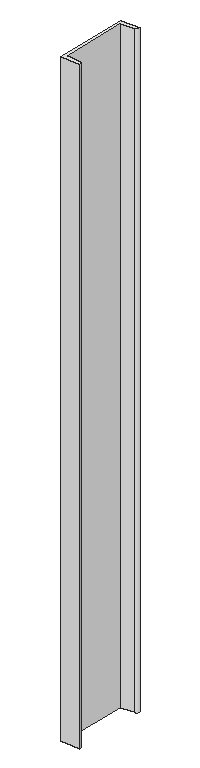
Revit family "asd", category Structural Columns, Revit 2023
Family settings
  Section Shape = Not Defined
  Material for Model Behavior = Steel
  Always export as geometry = No
  Beam cutback in plan = From bounding box
  Cut with Voids When Loaded = No
  Symbolic Representation = From Project Settings
  Shared = No
  Show family pre-cut in plan views = Yes
Parameters (values of type "C310X45")
  x = 17.1 mm
  Structural Material [instance] = Steel, 45-345
  Perimeter = 0
  Nominal Weight = 0.00 kgf/m
  Assembly Code = "B10"
  bf = 80.5 mm
  d = 305 mm
  tf = 12.7 mm
  tw = 13 mm
  A = 5690.00 mm²
Reference planes
  plane 1: y = 0
  plane 2: z = 0
  plane 3: x = 0
  plane 4: x = 63.4
  plane 5: y = 152.5
  plane 6: y = -152.5
  plane 7: x = -17.1
  plane 8: y = 139.8
  plane 9: y = -139.8
  plane 10: x = -4.1
  plane 11: x = 50.7
Forms (mm)
  Extrusion 1, solid, material "Steel, 45-345" <- "Structural Material", detail levels medium
    sketch origin (-22.1, 0, 0) x (1, 0, 0) y (0, 1, 0)
      loop
        line (85.5, 152.5) -> (5, 152.5) -> (5, -152.5) -> (85.5, -152.5) -> (85.5, -139.8) -> (18, -129.109) -> (18, 129.109) -> (85.5, 139.8) -> (85.5, 152.5)
    from 0 to 2500
  Extrusion 2, solid, material "Steel, 45-345" <- "Structural Material", detail levels fine
    sketch origin (-22.1, 0, 0) x (1, 0, 0) y (0, 1, 0)
      loop
        line (85.5, 152.5) -> (5, 152.5) -> (5, -152.5) -> (85.5, -152.5)
        arc (85.5, -152.5) -> (81.78, -143.52) -> (72.8, -139.8) r 12.7
        line (72.8, -139.8) -> (18, -131.121) -> (18, 131.121) -> (72.8, 139.8)
        arc (72.8, 139.8) -> (81.78, 143.52) -> (85.5, 152.5) r 12.7
    from 0 to 2500
Lines and regions (mm)
  symbolic lines, style "StructuralColumnStickSymbols", detail levels coarse
    curve 1: line (-17.1, 152.5, 0) -> (63.4, 152.5, 0)
    curve 2: line (-17.1, -152.5, 0) -> (63.4, -152.5, 0)
    curve 3: line (-17.1, 152.5, 0) -> (-17.1, -152.5, 0)
  symbolic lines, style "Hidden Faces", detail levels medium+fine
    curve 4: line (-4.1, 0, 2500) -> (-4.1, 0, 0)
    curve 5: line (-4.1, 129.109, 2500) -> (-4.1, 129.109, 0)
    curve 6: line (-4.1, -129.109, 0) -> (-4.1, -129.109, 2500)
Dimensions and locks
  equal spacing: plane 6, plane 1, plane 5
  "d": plane 6 to plane 5
  "bf": plane 7 to plane 4
  "tf": plane 5 to plane 8
  "tf": plane 6 to plane 9
  "tw": plane 7 to plane 10
  "tf": plane 11 to plane 4
  "x": plane 7 to plane 3
  "tf": radius of Extrusion 2 sketch curve  (x2)
  locked: plane 8 to Extrusion 1 sketch curve (angle 9.00°)
  locked: Extrusion 1 sketch curve to plane 9 (angle 9.00°)
  locked: Extrusion 2 sketch curve to plane 9 (angle 9.00°)
  angle plane 8 to Extrusion 2 sketch curve = 9.00°
  aligned and locked: level to plane 2
  aligned and locked: plane 7 to curve 2
  aligned and locked: plane 7 to curve 1
  aligned and locked: plane 4 to curve 2
  aligned and locked: plane 4 to curve 1
  aligned and locked: plane 5 to curve 1
  aligned and locked: plane 6 to curve 3
  aligned and locked: level to curve 4  (x2)
  aligned and locked: plane 10 to curve 4
  aligned and locked: plane 5 to Extrusion 1 sketch curve
  aligned and locked: Extrusion 1 sketch curve to plane 7
  aligned and locked: Extrusion 1 sketch curve to plane 6
  aligned and locked: plane 10 to Extrusion 1 sketch curve
  aligned and locked: plane 4 to Extrusion 1 sketch curve  (x4)
  aligned and locked: plane 9 to Extrusion 1 sketch curve
  aligned and locked: Extrusion 2 sketch curve to plane 5
  aligned and locked: plane 7 to Extrusion 2 sketch curve
  aligned and locked: plane 6 to Extrusion 2 sketch curve
  aligned and locked: Extrusion 2 sketch curve to plane 10
  aligned and locked: plane 11 to Extrusion 2 sketch curve  (x4)
  aligned and locked: plane 9 to Extrusion 2 sketch curve
  aligned and locked: plane 8 to Extrusion 2 sketch curve
  aligned and locked: level to Extrusion 2
  aligned and locked: level to Extrusion 1
  aligned and locked: Extrusion 1 to plane 2
  aligned and locked: Extrusion 2 to plane 2
  aligned and locked: level to curve 5
  aligned and locked: level to curve 6
  aligned and locked: plane 2 to curve 5
  aligned and locked: plane 2 to curve 6
  aligned and locked: curve 5 to Extrusion 1
  aligned and locked: curve 6 to Extrusion 1
Automatic sketch dimensions
  Extrusion 1 sketch curve to plane 8 = 0 mm
